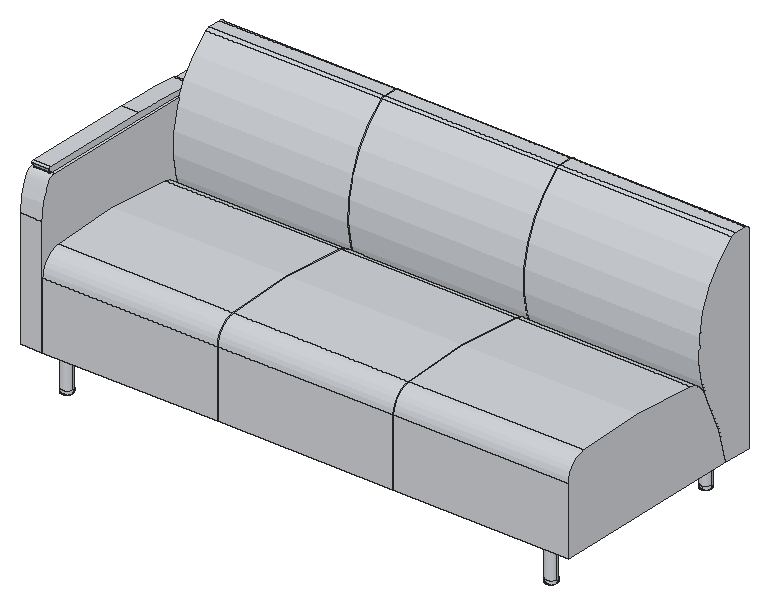
Revit family "Seat-LaZBoy-Assymble_Lounge_Seating-AS32L", category Furniture, Revit 2017
Family settings
  OmniClass Number = 23.40.20.00
  OmniClass Title = General Furniture and Specialties
  Work Plane-Based = No
  Always vertical = Yes
  Cut with Voids When Loaded = No
  Shared = No
  Room Calculation Point = No
Parameters (values of type "Solid Surface Arms Caps")
  Width = 75.00"  # constant formula
  URL = "https://www.la-z-boy.com/"
  Seat Material [instance] = none
  Product Documentation Link = "URL"
  Model = "AS32LJ"
  Manufacturer = "LaZBoy"
  Height = 32.75"  # constant formula
  Description = "3 Seat Lounge Chair, Left Side Facing with Solid Surface Arms Caps"
  Depth = 30.75"  # constant formula
  Copyright © = "Inc"
  Back Material [instance] = none
  Assembly Code = "E2020200"
  Armcap Material [instance] = none
  Arm Material [instance] = none
Types (4): name | Model | Description
  Upholstered Arms | "AS32LF" | "3 Seat Lounge Chair, Left Side Facing with Upholstered Arms"
  Urethane Arms Caps | "AS32LU" | "3 Seat Lounge Chair, Left Side Facing with Urethane Arms Caps"
  Wood Arms Caps | "AS32LW" | "3 Seat Lounge Chair, Left Side Facing with Wood Arms Caps"
  Solid Surface Arms Caps | "AS32LJ" | "3 Seat Lounge Chair, Left Side Facing with Solid Surface Arms Caps"
Reference planes (in)
  plane 1 "Center (Front/Back)": y = 0
  plane 2: z = 0
  plane 3 "Center (Left/Right)": x = 0
  plane 4: y = -15.375
  plane 5: z = 32.75
  plane 6: y = 15.375
  plane 7: x = -37.5
  plane 8: x = 37.5
  plane 9: z = 5.39888
  plane 10: x = -34.5
  plane 11: x = -10.5
  plane 12: x = 13.5
  plane 13 "glide 2": y = 13.59321
  plane 14 "glide 1": y = -12.84321
Forms (in)
  Extrusion 1, solid, material <- "Back Material"
    sketch origin (0, 0, 0) x (0, 1, 0) y (0, 0, 1)
      loop
        line (15.375, 5.39888) -> (15.375, 32.4)
        arc (15.375, 32.4) -> (15.27249, 32.64749) -> (15.025, 32.75) r 0.35
        line (15.025, 32.75) -> (13.18257, 32.75)
        arc (13.18257, 32.75) -> (12.88654, 32.70048) -> (12.62275, 32.55731) r 0.90955
        arc (12.62275, 32.55731) -> (7.27087, 24.12175) -> (8.46181, 14.20293) r 14.8761
        arc (8.46181, 14.20293) -> (10.29749, 9.8942) -> (11.61161, 5.39888) r 39.59734
        line (11.61161, 5.39888) -> (15.375, 5.39888)
    from -34.5 to -10.5
  Extrusion 2, solid, material <- "Seat Material"
    sketch origin (0, 0, 0) x (0, 1, 0) y (0, 0, 1)
      loop
        line (-15.375, 5.39888) -> (11.61161, 5.39888)
        arc (11.61161, 5.39888) -> (9.9596, 10.8034) -> (7.55503, 15.9177) r 39.59734
        arc (7.55503, 15.9177) -> (6.71811, 16.83642) -> (5.56221, 17.29288) r 2.75
        arc (5.56221, 17.29288) -> (-3.58084, 18.03171) -> (-12.7401, 17.53243) r 67.9538
        arc (-12.7401, 17.53243) -> (-14.6217, 16.54278) -> (-15.375, 14.55473) r 3
        line (-15.375, 14.55473) -> (-15.375, 5.39888)
    from -34.5 to -10.5
  Extrusion 3, solid
    sketch origin (0, 0, 0) x (1, 0, 0) y (0, 1, 0)
      loop
        circle (-33.11938, 13.59321) r 0.75
      loop
        circle (33.11938, 13.59321) r 0.75
      loop
        circle (-33.11938, -12.84321) r 0.75
      loop
        circle (33.11938, -12.84321) r 0.75
    from 0 to 5.39888
  Extrusion 4, solid, material <- "Back Material"
    sketch origin (0, 0, 0) x (0, 1, 0) y (0, 0, -1)
      loop
        line (15.375, -5.39888) -> (11.61161, -5.39888)
        arc (11.61161, -5.39888) -> (10.29749, -9.8942) -> (8.46181, -14.20293) r 39.59734
        arc (8.46181, -14.20293) -> (7.27087, -24.12175) -> (12.62275, -32.55731) r 14.8761
        arc (12.62275, -32.55731) -> (12.88654, -32.70048) -> (13.18257, -32.75) r 0.90955
        line (13.18257, -32.75) -> (15.025, -32.75)
        arc (15.025, -32.75) -> (15.27249, -32.64749) -> (15.375, -32.4) r 0.35
        line (15.375, -32.4) -> (15.375, -5.39888)
    from -37.5 to -13.5
  Extrusion 5, solid, material <- "Seat Material"
    sketch origin (0, 0, 0) x (0, 1, 0) y (0, 0, -1)
      loop
        line (-15.375, -5.39888) -> (-15.375, -14.55473)
        arc (-15.375, -14.55473) -> (-14.6217, -16.54278) -> (-12.7401, -17.53243) r 3
        arc (-12.7401, -17.53243) -> (-3.58084, -18.03171) -> (5.56221, -17.29288) r 67.9538
        arc (5.56221, -17.29288) -> (6.71811, -16.83642) -> (7.55503, -15.9177) r 2.75
        arc (7.55503, -15.9177) -> (9.9596, -10.8034) -> (11.61161, -5.39888) r 39.59734
        line (11.61161, -5.39888) -> (-15.375, -5.39888)
    from -37.5 to -13.5
  Extrusion 6, solid, material <- "Back Material"
    sketch origin (-23, 0, 0) x (0, 1, 0) y (0, 0, -1)
      loop
        line (15.375, -5.39888) -> (11.61161, -5.39888)
        arc (11.61161, -5.39888) -> (10.29749, -9.8942) -> (8.46181, -14.20293) r 39.59734
        arc (8.46181, -14.20293) -> (7.27087, -24.12175) -> (12.62275, -32.55731) r 14.8761
        arc (12.62275, -32.55731) -> (12.88654, -32.70048) -> (13.18257, -32.75) r 0.90955
        line (13.18257, -32.75) -> (15.025, -32.75)
        arc (15.025, -32.75) -> (15.27249, -32.64749) -> (15.375, -32.4) r 0.35
        line (15.375, -32.4) -> (15.375, -5.39888)
    from -36.5 to -12.5
  Extrusion 7, solid, material <- "Seat Material"
    sketch origin (-23, 0, 0) x (0, 1, 0) y (0, 0, -1)
      loop
        line (-15.375, -5.39888) -> (-15.375, -14.55473)
        arc (-15.375, -14.55473) -> (-14.6217, -16.54278) -> (-12.7401, -17.53243) r 3
        arc (-12.7401, -17.53243) -> (-3.58084, -18.03171) -> (5.56221, -17.29288) r 67.9538
        arc (5.56221, -17.29288) -> (6.71811, -16.83642) -> (7.55503, -15.9177) r 2.75
        arc (7.55503, -15.9177) -> (9.9596, -10.8034) -> (11.61161, -5.39888) r 39.59734
        line (11.61161, -5.39888) -> (-15.375, -5.39888)
    from -36.5 to -12.5
  Revolve 8, solid
    sketch origin (0, -12.84321, 0) x (1, 0, 0) y (0, 0, 1)
      loop
        line (-33.11938, 0) -> (-32.38039, 0)
        arc (-32.38039, 0) -> (-32.34459, 0.01483) -> (-32.32976, 0.05064) r 0.05064
        line (-32.32976, 0.05064) -> (-32.32976, 0.40859) -> (-33.11938, 0.40859) -> (-33.11938, 0)
      axis (-33.11938, 0.40859) -> (-33.11938, 0)
    angle from 0 to 360
  Revolve 9, solid
    sketch origin (0, -12.84321, 0) x (1, 0, 0) y (0, 0, 1)
      loop
        line (33.11938, 0) -> (33.11938, 0.40859) -> (32.32976, 0.40859) -> (32.32976, 0.05064)
        arc (32.32976, 0.05064) -> (32.34459, 0.01483) -> (32.38039, 0) r 0.05064
        line (32.38039, 0) -> (33.11938, 0)
      axis (33.11938, 0.40859) -> (33.11938, 0)
    angle from 0 to 360
  Revolve 10, solid
    sketch origin (0, 13.59321, 0) x (1, 0, 0) y (0, 0, 1)
      loop
        line (-33.11938, 0) -> (-32.38039, 0)
        arc (-32.38039, 0) -> (-32.34459, 0.01483) -> (-32.32976, 0.05064) r 0.05064
        line (-32.32976, 0.05064) -> (-32.32976, 0.40859) -> (-33.11938, 0.40859) -> (-33.11938, 0)
      axis (-33.11938, 0.40859) -> (-33.11938, 0)
    angle from 0 to 360
  Revolve 11, solid
    sketch origin (0, 13.59321, 0) x (1, 0, 0) y (0, 0, 1)
      loop
        line (33.11938, 0) -> (33.11938, 0.40859) -> (32.32976, 0.40859) -> (32.32976, 0.05064)
        arc (32.32976, 0.05064) -> (32.34459, 0.01483) -> (32.38039, 0) r 0.05064
        line (32.38039, 0) -> (33.11938, 0)
      axis (33.11938, 0.40859) -> (33.11938, 0)
    angle from 0 to 360
Lines and regions (in)
  Masking region 1
    outline origin (0, 0, 0) x (1, 0, 0) y (0, 1, 0)
      loop
        line (-34.5, 15.375) -> (-34.5, -15.375) -> (37.5, -15.375) -> (37.5, 15.375) -> (-34.5, 15.375)
  symbolic lines, detail levels fine
    curve 1: line (37.5, 11.61161, 0) -> (-34.5, 11.61161, 0)
  symbolic lines, detail levels medium+fine
    curve 2: line (-34.5, 6.90274, 0) -> (37.5, 6.90274, 0)
    curve 3: line (13.5, 15.375, 0) -> (13.5, -15.375, 0)
    curve 4: line (-10.5, 15.025, 0) -> (-10.5, -15.375, 0)
Dimensions and locks (in)
  equal spacing: plane 6, plane 1 "Center (Front/Back)", plane 4
  equal spacing: plane 7, plane 3 "Center (Left/Right)", plane 8
  "Width": plane 7 to plane 8
  "Depth": plane 4 to plane 6
  "Height": plane 5 to plane 2
  plane 6 to Extrusion 3 sketch curve = 1.78179"
  locked: plane 7 to Extrusion 3 sketch curve at 4.38062
  locked: plane 9 to plane 2 at 5.39888
  locked: plane 7 to plane 10 at 3
  equal spacing: plane 10, plane 11, plane 12, plane 8
  locked: plane 13 "glide 2" to plane 6 at 1.78179
  locked: plane 4 to plane 14 "glide 1" at 2.53179
  aligned and locked: level to plane 2
  aligned and locked: plane 3 "Center (Left/Right)" to nested 1
  aligned and locked: plane 1 "Center (Front/Back)" to nested 1
  aligned and locked: plane 6 to Extrusion 1 sketch curve
  aligned and locked: Extrusion 3 to plane 9
  aligned and locked: nested 2 to plane 7
  aligned and locked: plane 6 to nested 2
  aligned and locked: plane 10 to Extrusion 1
  aligned and locked: plane 10 to Extrusion 2
  aligned and locked: Masking region 1 sketch curve to plane 6
  aligned and locked: Masking region 1 sketch curve to plane 10
  aligned and locked: Masking region 1 sketch curve to plane 4
  aligned and locked: curve 1 to Extrusion 2
  aligned and locked: curve 3 to plane 12
  aligned and locked: plane 6 to curve 3
  aligned and locked: plane 4 to curve 3
  aligned and locked: plane 11 to Extrusion 1
  aligned and locked: plane 11 to Extrusion 2
  aligned and locked: Extrusion 4 to plane 12
  aligned and locked: Extrusion 5 to plane 12
  aligned and locked: Extrusion 6 to plane 11
  aligned and locked: plane 12 to Extrusion 6
  aligned and locked: Extrusion 7 to plane 11
  aligned and locked: plane 12 to Extrusion 7
  aligned and locked: Masking region 1 sketch curve to plane 8
  aligned and locked: Extrusion 5 to plane 8
  aligned and locked: plane 8 to Extrusion 4
  aligned and locked: curve 4 to plane 11
Automatic sketch dimensions
  Extrusion 1 sketch curve to plane 9 = 0.00"
  Extrusion 1 sketch curve to plane 5 = 0.00"
  Extrusion 1 sketch curve to plane 5 = 0.35"
  Extrusion 1 sketch curve to Extrusion 1 sketch curve = 1.84243"
  Extrusion 1 sketch curve to plane 6 = 3.76339"
  Extrusion 1 sketch curve to level = 3.44449"
  plane 4 to Extrusion 1 sketch curve = 11.61059"
  plane 6 to Extrusion 1 sketch curve = 6.40384"
  Extrusion 1 sketch curve to plane 5 = 11.91722"
  Extrusion 1 sketch curve to plane 5 = 0.90955"
  Extrusion 1 sketch curve to Extrusion 1 sketch curve = 0.00"
  Extrusion 2 sketch curve to plane 4 = 0.00"
  Extrusion 2 sketch curve to plane 9 = 0.00"
  Extrusion 2 sketch curve to level = 3.44449"
  plane 4 to Extrusion 2 sketch curve = 11.61059"
  Extrusion 2 sketch curve to Extrusion 2 sketch curve = 3.00"
  plane 1 "Center (Front/Back)" to Extrusion 2 sketch curve = 4.47018"
  Extrusion 2 sketch curve to plane 1 "Center (Front/Back)" = 5.15622"
  Extrusion 2 sketch curve to plane 6 = 3.76339"
  Extrusion 2 sketch curve to level = 49.91627"
  Extrusion 2 sketch curve to Extrusion 2 sketch curve = 9.15585"
  plane 9 to Extrusion 2 sketch curve = 9.17414"
  Extrusion 2 sketch curve to Extrusion 2 sketch curve = 0.00"  (x2)
  Extrusion 3 sketch curve to plane 10 = 1.38062"
  Extrusion 3 sketch curve to plane 6 = 1.78179"
  Extrusion 3 sketch curve to plane 4 = 2.53179"  (x2)
  Extrusion 4 sketch curve to plane 9 = 0.00"
  Extrusion 4 sketch curve to plane 5 = 0.00"
  Extrusion 4 sketch curve to plane 6 = 0.00"
  Extrusion 4 sketch curve to plane 5 = 0.35"
  Extrusion 4 sketch curve to Extrusion 4 sketch curve = 1.84243"
  Extrusion 4 sketch curve to plane 6 = 3.76339"
  Extrusion 4 sketch curve to level = 3.44449"
  plane 4 to Extrusion 4 sketch curve = 11.61059"
  plane 6 to Extrusion 4 sketch curve = 6.40384"
  Extrusion 4 sketch curve to plane 5 = 0.90955"
  Extrusion 4 sketch curve to plane 5 = 11.91722"
  Extrusion 4 sketch curve to Extrusion 4 sketch curve = 0.00"
  Extrusion 5 sketch curve to plane 4 = 0.00"
  Extrusion 5 sketch curve to plane 9 = 0.00"
  Extrusion 5 sketch curve to level = 3.44449"
  plane 4 to Extrusion 5 sketch curve = 11.61059"
  Extrusion 5 sketch curve to Extrusion 5 sketch curve = 3.00"
  plane 1 "Center (Front/Back)" to Extrusion 5 sketch curve = 4.47018"
  Extrusion 5 sketch curve to plane 1 "Center (Front/Back)" = 5.15622"
  Extrusion 5 sketch curve to plane 6 = 3.76339"
  Extrusion 5 sketch curve to Extrusion 5 sketch curve = 9.15585"
  plane 9 to Extrusion 5 sketch curve = 9.17414"
  Extrusion 5 sketch curve to level = 49.91627"
  Extrusion 5 sketch curve to Extrusion 5 sketch curve = 0.00"  (x2)
  Extrusion 6 sketch curve to plane 9 = 0.00"
  Extrusion 6 sketch curve to plane 5 = 0.00"
  Extrusion 6 sketch curve to plane 6 = 0.00"
  Extrusion 6 sketch curve to plane 5 = 0.35"
  Extrusion 6 sketch curve to Extrusion 6 sketch curve = 1.84243"
  Extrusion 6 sketch curve to Extrusion 6 sketch curve = 3.76339"
  Extrusion 6 sketch curve to level = 3.44449"
  plane 4 to Extrusion 6 sketch curve = 11.61059"
  plane 6 to Extrusion 6 sketch curve = 6.40384"
  Extrusion 6 sketch curve to plane 5 = 0.90955"
  Extrusion 6 sketch curve to plane 5 = 11.91722"
  Extrusion 6 sketch curve to Extrusion 6 sketch curve = 0.00"
  Extrusion 7 sketch curve to plane 4 = 0.00"
  Extrusion 7 sketch curve to plane 9 = 0.00"
  Extrusion 7 sketch curve to level = 3.44449"
  plane 4 to Extrusion 7 sketch curve = 11.61059"
  Extrusion 7 sketch curve to plane 4 = 3.00"
  plane 1 "Center (Front/Back)" to Extrusion 7 sketch curve = 4.47018"
  Extrusion 7 sketch curve to plane 1 "Center (Front/Back)" = 5.15622"
  Extrusion 7 sketch curve to plane 6 = 3.76339"
  plane 9 to Extrusion 7 sketch curve = 9.15585"
  plane 9 to Extrusion 7 sketch curve = 9.17414"
  Extrusion 7 sketch curve to level = 49.91627"
  Extrusion 7 sketch curve to Extrusion 7 sketch curve = 0.00"  (x2)
  Extrusion 3 sketch curve to plane 8 = 4.38062"  (x2)
  Revolve 8 sketch curve to level = 0.00"
  Revolve 8 sketch curve to plane 10 = 1.38062"
  Revolve 8 sketch curve to Revolve 8 sketch curve = 0.73899"
  level to Revolve 8 sketch curve = 0.05064"
  Revolve 8 sketch curve to Revolve 8 sketch curve = 0.35795"
  Revolve 8 sketch curve to Revolve 8 sketch curve = 0.00"
  Revolve 8 sketch curve to level = 0.50"
  Revolve 8 sketch curve to Revolve 8 sketch curve = 1.34141"
  Revolve 9 sketch curve to level = 0.00"
  level to Revolve 9 sketch curve = 0.40859"
  Revolve 9 sketch curve to plane 8 = 5.17024"
  Revolve 9 sketch curve to Revolve 9 sketch curve = 0.05064"
  Revolve 9 sketch curve to Revolve 9 sketch curve = 0.73899"
  Revolve 9 sketch curve to Revolve 9 sketch curve = 0.00"
  Revolve 9 sketch curve to Revolve 9 sketch curve = 0.50"
  Revolve 9 sketch curve to Revolve 9 sketch curve = 1.34141"
  Revolve 10 sketch curve to level = 0.00"
  Revolve 10 sketch curve to plane 10 = 1.38062"
  Revolve 10 sketch curve to Revolve 10 sketch curve = 0.73899"
  level to Revolve 10 sketch curve = 0.05064"
  Revolve 10 sketch curve to Revolve 10 sketch curve = 0.35795"
  Revolve 10 sketch curve to Revolve 10 sketch curve = 0.00"
  Revolve 10 sketch curve to level = 0.50"
  Revolve 10 sketch curve to Revolve 10 sketch curve = 1.34141"
  Revolve 11 sketch curve to level = 0.00"
  level to Revolve 11 sketch curve = 0.40859"
  Revolve 11 sketch curve to plane 8 = 5.17024"
  Revolve 11 sketch curve to Revolve 11 sketch curve = 0.05064"
  Revolve 11 sketch curve to Revolve 11 sketch curve = 0.73899"
  Revolve 11 sketch curve to Revolve 11 sketch curve = 0.00"
  Revolve 11 sketch curve to Revolve 11 sketch curve = 0.50"
  Revolve 11 sketch curve to Revolve 11 sketch curve = 1.34141"
  curve 1 to plane 10 = 0.00"
  curve 2 to plane 10 = 0.00"
  curve 2 to plane 8 = 0.00"
  curve 1 to plane 8 = 0.00"
  plane 4 to curve 4 = 0.00"
  curve 2 to curve 1 = 4.70887"
  curve 4 to plane 6 = 0.35"
  radius of Extrusion 3 sketch curve = 0.75"  (x4)
Nested families (in)
  nested 1: "Label 1-16" at (0, 0, 0), type "Center", detail levels fine
    with Offset (LR) 0.00"
  nested 2: "Leg-Assymble-AS" at (-36, -0.42331, 0), type "Standard"
    with With Armcap yes
Definition of nested family "Leg-Assymble-AS"
  Parameters (values of type "Standard")
    With Armcap [instance] = yes
    URL = ""
    On Legs = yes
    Model = ""
    Manufacturer = ""
    Description = ""
    Depth = 30.75"
    Assembly Code = "E2020200"
    Armcap Material = none
    Arm Material = none
  Reference planes (in)
    plane 1 "Center (Front/Back)": y = 0.42331
    plane 2: z = 0
    plane 3 "Center (Left/Right)": x = 0
    plane 4: y = -14.95169
    plane 5: y = 15.79831
    plane 6 "Top": z = 26.39888
    plane 7: z = 5.39888
    plane 8: x = -1.5
    plane 9: x = 1.5
    plane 10: z = 27.20597
  Forms (in)
    Extrusion 1, solid, material <- "Arm Material"
      sketch origin (0, 0, 0) x (0, 1, 0) y (0, 0, 1)
        loop
          line (-14.95169, 5.39888) -> (15.79831, 5.39888) -> (15.79831, 21.43599)
          spline (15.79831, 21.43599) -> (15.76797, 22.12079) -> (15.68527, 22.75327) -> (15.5627, 23.33665) -> (15.41272, 23.87418) -> (15.24784, 24.36908) -> (15.08052, 24.8246) -> (14.92237, 25.24351) -> (14.76729, 25.61955) -> (14.59281, 25.93806) -> (14.37586, 26.1841) -> (14.09335, 26.34269) -> (13.7222, 26.39888)
          line (13.7222, 26.39888) -> (-12.87557, 26.39888)
          spline (-12.87557, 26.39888) -> (-13.24672, 26.34269) -> (-13.52924, 26.1841) -> (-13.74619, 25.93806) -> (-13.92066, 25.61955) -> (-14.07574, 25.24351) -> (-14.23389, 24.8246) -> (-14.40121, 24.36908) -> (-14.5661, 23.87418) -> (-14.71607, 23.33665) -> (-14.83865, 22.75327) -> (-14.92135, 22.12079) -> (-14.95169, 21.43599)
          line (-14.95169, 21.43599) -> (-14.95169, 5.39888)
      from -1.5 to 1.5
    Extrusion 2, solid, material <- "Armcap Material", visible <- "With Armcap"
      sketch origin (0, 0, 0) x (0, 1, 0) y (0, 0, 1)
        loop
          line (-13.01699, 26.39888) -> (11.3584, 26.39888)
          arc (11.3584, 26.39888) -> (11.2289, 26.74416) -> (10.89493, 26.90053) r 0.48849
          line (10.89493, 26.90053) -> (10.8547, 26.90258)
          spline (10.8547, 26.90258) -> (9.81368, 26.95548) -> (8.97711, 26.99748) -> (8.27856, 27.03149) -> (7.65189, 27.06036) -> (7.04399, 27.08607) -> (6.41901, 27.10935) -> (5.74229, 27.13088) -> (4.97919, 27.15133) -> (4.10521, 27.17117) -> (3.20988, 27.18881) -> (2.45429, 27.20138) -> (2.00065, 27.20597)
          line (2.00065, 27.20597) -> (-13.10453, 27.20597)
          arc (-13.10453, 27.20597) -> (-13.26936, 27.11925) -> (-13.29125, 26.9343) r 0.2
          line (-13.29125, 26.9343) -> (-13.11035, 26.46304)
          arc (-13.11035, 26.46304) -> (-13.07363, 26.41646) -> (-13.01699, 26.39888) r 0.1
      from -1.18 to 1.18
  Lines and regions (in)
    Masking region 1
      outline origin (0, 0, 0) x (1, 0, 0) y (0, 1, 0)
        loop
          line (-1.5, 15.79831) -> (-1.5, -14.95169) -> (1.5, -14.95169) -> (1.5, 15.79831) -> (-1.5, 15.79831)
    symbolic lines, visible <- "With Armcap"
      curve 1: line (-1.18, 11.3584, 0) -> (-1.18, -13.30453, 0)
      curve 2: line (1.18, -13.30453, 0) -> (1.18, 11.3584, 0)
      curve 3: arc (-1.18, -13.30453, 0) -> (0, -13.34619, 0) -> (1.18, -13.30453, 0) r 16.73286
    symbolic lines
      curve 4: arc (-1.18, 11.3584, 0) -> (0, 11.42098, 0) -> (1.18, 11.3584, 0) r 11.15659
  Dimensions and locks (in)
    plane 6 "Top" to plane 7 to plane 2 = 21.00" locked, 5.39888" locked
    equal spacing: plane 4, plane 1 "Center (Front/Back)", plane 5
    "Depth": plane 4 to plane 5
    equal spacing: plane 8, plane 3 "Center (Left/Right)", plane 9
    plane 8 to plane 3 "Center (Left/Right)" = 1.50"
    locked: plane 10 to plane 6 "Top" at 0.80709
    equal spacing: Extrusion 2, plane 3 "Center (Left/Right)", Extrusion 2
    locked: Extrusion 2 sketch curve to plane 4 at 1.84715
    aligned and locked: level to plane 2
    aligned and locked: plane 7 to Extrusion 1 sketch curve
    aligned and locked: plane 5 to Extrusion 1 sketch curve
    aligned and locked: plane 4 to Extrusion 1 sketch curve
    aligned and locked: plane 6 "Top" to Extrusion 1 sketch curve
    aligned and locked: plane 8 to Extrusion 1
    aligned and locked: plane 9 to Extrusion 1
    aligned and locked: plane 6 "Top" to Extrusion 2 sketch curve
    aligned and locked: Masking region 1 sketch curve to plane 4
    aligned and locked: Masking region 1 sketch curve to plane 5
    aligned and locked: Masking region 1 sketch curve to plane 8
    aligned and locked: Masking region 1 sketch curve to plane 9
    aligned and locked: Extrusion 2 to curve 1
    aligned and locked: curve 2 to Extrusion 2
  Automatic sketch dimensions
    Extrusion 1 sketch curve to plane 5 = 2.07612"
    plane 6 "Top" to Extrusion 1 sketch curve = 4.96288"  (x2)
    Extrusion 1 sketch curve to plane 4 = 2.07612"
    curve 3 to plane 3 "Center (Left/Right)" = 0.00"
    curve 1 to plane 4 = 1.64715"
    plane 1 "Center (Front/Back)" to curve 4 = 0.15892"
    curve 3 to plane 1 "Center (Front/Back)" = 2.96335"
    curve 1 to plane 5 = 4.43991"
    curve 1 to curve 2 = 0.00"
    plane 10 to Extrusion 2 sketch curve = 0.00"
    Extrusion 2 sketch curve to plane 6 "Top" = 0.06416"
    Extrusion 2 sketch curve to Extrusion 2 sketch curve = 0.00582"
    plane 10 to Extrusion 2 sketch curve = 0.27167"
    Extrusion 2 sketch curve to Extrusion 2 sketch curve = 0.18672"
    Extrusion 2 sketch curve to Extrusion 2 sketch curve = 0.09336"
    Extrusion 2 sketch curve to plane 1 "Center (Front/Back)" = 1.57734"
    plane 10 to Extrusion 2 sketch curve = 0.30339"
    Extrusion 2 sketch curve to plane 5 = 4.94361"
    Extrusion 2 sketch curve to plane 6 "Top" = 0.01379"
    Extrusion 2 sketch curve to Extrusion 2 sketch curve = 0.0154"
    plane 10 to Extrusion 2 sketch curve = 0.30544"
    Extrusion 2 sketch curve to Extrusion 2 sketch curve = 0.04023"
Definition of nested family "Label 1-16"
  Parameters (values of type "Center")
    P_Width = 0.00"
    Text_Width = "Empty"
    Text_Height = "Empty"
    Text_Diameter = "Empty"
    Text_Depth = "Empty"
    Offset (LR) [instance] = 0.00"
    Model Name = "6961"
    P_Height = 0.00"
    Distance of Center (not Change) = 0.00"
    P_Diameter = 0.00"
    P_Depth = 0.00"
  Reference planes (in)
    plane 1: y = 0
    plane 2: x = 0
  Lines and regions (in)
    reference lines
      curve 1: line (-0.44359, 0, 0) -> (0.41085, 0, 0)
      curve 3: line (0, 0.32564, 0) -> (0, -0.40221, 0)
    reference lines, not visible
      curve 2: line (-0.44359, 0.09843, 0) -> (0.41085, 0.09843, 0)
      curve 4: line (0, 0.42407, 0) -> (0, -0.30379, 0)
  Text (in)
    label "Empty" at (0.00197, -0.0079, 0), shows "Model Name"
    label "Empty" at (0.00197, 0.09052, 0), shows "Model Name", not visible
  Dimensions and locks (in)
    "Distance of Center (not Change)": plane 1 to curve 1
    "Offset (LR)": curve 3 to plane 2
  Automatic sketch dimensions
    curve 1 to curve 3 = 0.44359"
    curve 3 to curve 1 = 0.41085"
    curve 3 to curve 1 = 0.40221"
    curve 1 to curve 3 = 0.32564"
    curve 2 to curve 4 = 0.44359"
    curve 4 to curve 2 = 0.41085"
    curve 4 to curve 2 = 0.40221"
    curve 2 to curve 4 = 0.32564"
